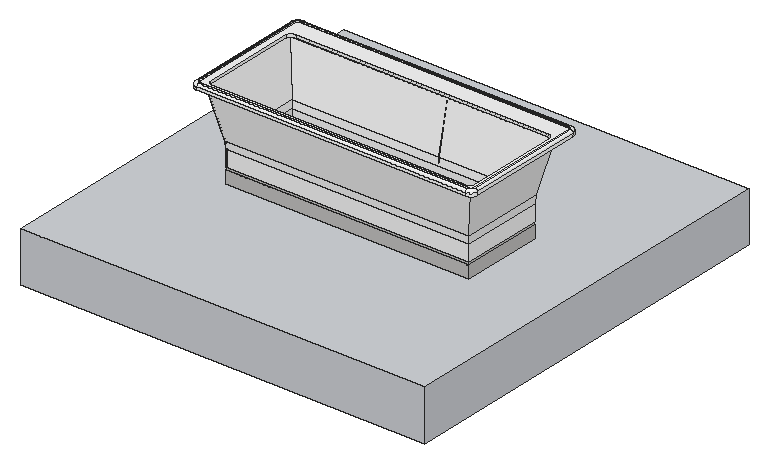
Revit family
Parameters (values of type "Cast_Iron-0-White")
  Width = 5' - 6 15/16"
  Waste Connection = yes
  WFU = 0
  URL = "http://www.us.kohler.com"
  Sanitary Radius = 1"
  Sanitary Diameter = Sanitary Radius * 2  # 2"
  Sanitary Connector = "Sanitary Connection"  # constant formula
  Product Page URL = "http://www.us.kohler.com/onlinecatalog/detail.jsp?prod_num=819-F62"
  Product Documentation Link = "http://www.us.kohler.com/onlinecatalog/pdf/1143195_4.pdf"
  Model = "K-819-F62"  # constant formula
  Manufacturer = "Kohler"  # constant formula
  Length = 2' - 7 1/2"
  Height = 1' - 10 1/16"
  Finish = Cast Iron-Kohler-0-White
  Description = "Reve™ 5.5' freestanding bath with Brilliant Blanc base\r\n"  # constant formula
  Default Elevation = 0' - 0"
  Created By = "http://www.medialab3dstudio.com/"
  Cost = 0
  Brilliant Blanc = Wood-Kohler-Brilliant Blanc
  Assembly Code = "D2010510"
  Actual Valve Water Flow = 0 GPM
Reference planes (in)
  plane 1 "Center (Front/Back)": y = 0
  plane 2: z = 0
  plane 3 "Center (Left/Right)": x = 0
  plane 4 "Left": x = -33.46875
  plane 5 "Right": x = 33.46875
  plane 6 "Front": y = -15.75
  plane 7 "Back": y = 15.75
  plane 8 "Top": z = 22.0625
  plane 9: y = -1.25
  plane 10: y = 2
  plane 11: y = -2
  plane 12: z = 3
  plane 13: z = 3.55744
  plane 14: z = 3.68244
  plane 15: y = 14.5256
  plane 16: x = 6
  plane 17: x = -4.5
  plane 18: x = 4.5
  plane 19: x = -6
Forms (in)
  Extrusion 1, solid
    sketch origin (0, 0, 0) x (1, 0, 0) y (0, 1, 0)
      loop
        line (-48, 48) -> (-48, -48) -> (48, -48) -> (48, 48) -> (-48, 48)
    from 0 to -12
  Sweep 2, solid, material "Cast Iron-Kohler-0-White" <- "Finish"
    path origin (0, 0, 0) x (1, 0, 0) y (0, 1, 0)
      loop
        line (-33.46875, 14.17346) -> (-33.46875, -14.17461)
        arc (-33.46875, -14.17461) -> (-33.00733, -15.28858) -> (-31.89336, -15.75) r 1.57539
        line (-31.89336, -15.75) -> (31.89154, -15.75)
        arc (31.89154, -15.75) -> (33.00679, -15.28804) -> (33.46875, -14.17279) r 1.57721
        line (33.46875, -14.17279) -> (33.46875, 14.17312)
        arc (33.46875, 14.17312) -> (33.00689, 15.28814) -> (31.89187, 15.75) r 1.57688
        line (31.89187, 15.75) -> (-31.89221, 15.75)
        arc (-31.89221, 15.75) -> (-33.00699, 15.28824) -> (-33.46875, 14.17346) r 1.57654
    profile origin (-33.46875, -0.00058, 0) x (1, 0, 0) y (0, 0, 1)
      loop
        arc (0.6497, 22.0625) -> (0.25971, 21.89581) -> (0.05594, 21.52385) r 0.64902
        line (0.05594, 21.52385) -> (0, 20.88169) -> (0.12547, 20.88169) -> (0.18, 21.50766)
        arc (0.18, 21.50766) -> (0.34393, 21.80343) -> (0.65438, 21.9375) r 0.52402
        line (0.65438, 21.9375) -> (0.8997, 21.9375) -> (0.8997, 22.0625) -> (0.6497, 22.0625)
  Extrusion 3, solid, material "Cast Iron-Kohler-0-White" <- "Finish"
    sketch origin (0, 0, 0) x (1, 0, 0) y (0, 1, 0)
      loop
        line (-33.34328, 14.17346) -> (-33.34328, -14.17461)
        arc (-33.34328, -14.17461) -> (-32.91861, -15.19986) -> (-31.89336, -15.62453) r 1.44991
        line (-31.89336, -15.62453) -> (31.89154, -15.62453)
        arc (31.89154, -15.62453) -> (32.91807, -15.19932) -> (33.34328, -14.17279) r 1.45174
        line (33.34328, -14.17279) -> (33.34328, 14.17312)
        arc (33.34328, 14.17312) -> (32.91817, 15.19942) -> (31.89187, 15.62453) r 1.4514
        line (31.89187, 15.62453) -> (-31.89221, 15.62453)
        arc (-31.89221, 15.62453) -> (-32.91827, 15.19952) -> (-33.34328, 14.17346) r 1.45107
    from 20.88169 to 21.50766
  Extrusion 4, void
    sketch origin (0, 0, 0) x (1, 0, 0) y (0, 1, 0)
      loop
        line (-31.37382, 10.02167) -> (-31.37382, -12.47833)
        arc (-31.37382, -12.47833) -> (-30.85853, -13.26226) -> (-29.97096, -13.56604) r 1.44851
        line (-29.97096, -13.56604) -> (29.97096, -13.56604)
        arc (29.97096, -13.56604) -> (30.85853, -13.26226) -> (31.37382, -12.47833) r 1.44851
        line (31.37382, -12.47833) -> (31.37382, 10.02167)
        arc (31.37382, 10.02167) -> (30.87865, 10.83909) -> (29.97831, 11.15965) r 1.42465
        line (29.97831, 11.15965) -> (-29.97831, 11.15965)
        arc (-29.97831, 11.15965) -> (-30.87865, 10.83909) -> (-31.37382, 10.02167) r 1.42465
    from 20.88169 to 21.50766
  Sweep 5, solid, material "Cast Iron-Kohler-0-White" <- "Finish"
    path origin (0, 0, 0) x (1, 0, 0) y (0, 1, 0)
      loop
        line (-31.37382, -13.56604) -> (31.37382, -13.56604) -> (31.37382, 11.15965) -> (-31.37382, 11.15965) -> (-31.37382, -13.56604)
    profile origin (-31.37382, -1.2032, 0) x (-1, 0, 0) y (0, 0, 1)
      loop
        line (-0.04761, 20.88169) -> (-2.52604, 9.22159)
        arc (-2.52604, 9.22159) -> (-2.65528, 8.31322) -> (-2.69848, 7.39672) r 9.74204
        line (-2.69848, 7.39672) -> (-2.69848, 3.55744) -> (-2.57348, 3.55744) -> (-2.57348, 7.39672)
        arc (-2.57348, 7.39672) -> (-2.53089, 8.30081) -> (-2.4035, 9.19689) r 9.61704
        line (-2.4035, 9.19689) -> (0.08018, 20.88169) -> (-0.04761, 20.88169)
  Extrusion 6, solid, material "Cast Iron-Kohler-0-White" <- "Finish"
    sketch origin (0, 0, 0) x (1, 0, 0) y (0, 1, 0)
      loop
        line (-28.67533, 8.46117) -> (-28.67533, -10.86756) -> (28.67533, -10.86756) -> (28.67533, 8.46117) -> (-28.67533, 8.46117)
    from 3.55744 to 3.68244
  Extrusion 7, void
    sketch origin (0, 0, 0) x (1, 0, 0) y (0, 1, 0)
      loop
        arc (-1, -1.25) -> (-0.70711, -1.95711) -> (0, -2.25) r 1
        arc (0, -2.25) -> (0.70711, -1.95711) -> (1, -1.25) r 1
        arc (1, -1.25) -> (0.70711, -0.54289) -> (0, -0.25) r 1
        arc (0, -0.25) -> (-0.70711, -0.54289) -> (-1, -1.25) r 1
    from 0 to 3.68244
  Extrusion 8, solid, material "Wood-Kohler-Brilliant Blanc" <- "Brilliant Blanc"
    sketch origin (0, 0, 0) x (1, 0, 0) y (0, 0, 1)
      loop
        line (-28.67533, 3.55744) -> (-28.67533, 3) -> (28.67533, 3) -> (28.67533, 3.55744) -> (-28.67533, 3.55744)
    from -8.46117 to 10.86756
  Extrusion 9, solid, material "Wood-Kohler-Brilliant Blanc" <- "Brilliant Blanc"
    sketch origin (0, 0, 0) x (1, 0, 0) y (0, 0, 1)
      loop
        line (-28.80033, 0) -> (28.80033, 0) -> (28.80033, 3) -> (-28.80033, 3) -> (-28.80033, 0)
    from -8.58617 to 10.99256
  Extrusion 10, solid, material "Wood-Kohler-Brilliant Blanc" <- "Brilliant Blanc"
    sketch origin (0, 0, 0) x (0, 1, 0) y (0, 0, 1)
      loop
        line (8.58617, 0) -> (14.5256, 0) -> (14.5256, 20.88169) -> (11.23983, 20.88169) -> (8.75615, 9.19689)
        arc (8.75615, 9.19689) -> (8.62876, 8.30081) -> (8.58617, 7.39672) r 9.61704
        line (8.58617, 7.39672) -> (8.58617, 3.55744) -> (8.46117, 3.55744) -> (8.46117, 3) -> (8.58617, 3) -> (8.58617, 0)
    from -6 to 6
Cuts and joins
  Extrusion 4 cuts Extrusion 3
  Extrusion 7 cuts Sweep 5
  Extrusion 7 cuts Extrusion 6
  joined: Sweep 2, Extrusion 3, Sweep 5, Extrusion 6
  Extrusion 7 cuts Extrusion 8
  Extrusion 7 cuts Extrusion 9
  joined: Extrusion 8, Extrusion 9, Extrusion 10
Lines and regions (in)
  Masking region 1, detail levels coarse
    outline origin (0, 0, 0) x (1, 0, 0) y (0, 1, 0)
      loop
        line (-33.46875, 15.75) -> (-33.46875, -15.75) -> (33.46875, -15.75) -> (33.46875, 15.75) -> (-33.46875, 15.75)
  Masking region 2, detail levels medium+fine
    outline origin (0, 0, 0) x (1, 0, 0) y (0, 1, 0)
      loop
        line (-33.28577, 14.17346) -> (-33.28577, -14.17461)
        arc (-33.28577, -14.17461) -> (-32.87795, -15.1592) -> (-31.89336, -15.56702) r 1.39241
        line (-31.89336, -15.56702) -> (31.89154, -15.56702)
        arc (31.89154, -15.56702) -> (32.87741, -15.15866) -> (33.28577, -14.17279) r 1.39424
        line (33.28577, -14.17279) -> (33.28577, 14.17312)
        arc (33.28577, 14.17312) -> (32.87751, 15.15876) -> (31.89187, 15.56702) r 1.3939
        line (31.89187, 15.56702) -> (-31.89221, 15.56702)
        arc (-31.89221, 15.56702) -> (-32.87761, 15.15886) -> (-33.28577, 14.17346) r 1.39357
  Masking region 3, detail levels fine
    outline origin (0, 0, 0) x (1, 0, 0) y (0, 1, 0)
      loop
        line (-31.37382, 10.02167) -> (-31.37382, -12.47833)
        arc (-31.37382, -12.47833) -> (-30.85853, -13.26226) -> (-29.97096, -13.56604) r 1.44851
        line (-29.97096, -13.56604) -> (29.97096, -13.56604)
        arc (29.97096, -13.56604) -> (30.85853, -13.26226) -> (31.37382, -12.47833) r 1.44851
        line (31.37382, -12.47833) -> (31.37382, 10.02167)
        arc (31.37382, 10.02167) -> (30.87865, 10.83909) -> (29.97831, 11.15965) r 1.42465
        line (29.97831, 11.15965) -> (-29.97831, 11.15965)
        arc (-29.97831, 11.15965) -> (-30.87865, 10.83909) -> (-31.37382, 10.02167) r 1.42465
  Masking region 4, detail levels fine
    outline origin (0, 0, 0) x (1, 0, 0) y (0, 1, 0)
      loop
        line (-28.84778, 8.58617) -> (-28.84778, -10.99256) -> (28.84778, -10.99256) -> (28.84778, 8.58617) -> (-28.84778, 8.58617)
  Masking region 5, detail levels fine
    outline origin (0, 0, 0) x (1, 0, 0) y (0, 1, 0)
      loop
        arc (0, -2.25) -> (0.70711, -1.95711) -> (1, -1.25) r 1
        arc (1, -1.25) -> (0.70711, -0.54289) -> (0, -0.25) r 1
        arc (0, -0.25) -> (-0.70711, -0.54289) -> (-1, -1.25) r 1
        arc (-1, -1.25) -> (-0.70711, -1.95711) -> (0, -2.25) r 1
  Masking region 6, detail levels coarse
    outline origin (0, 0, 0) x (1, 0, 0) y (0, 0, 1)
      loop
        line (-33.46875, 22.0625) -> (-33.46875, 0) -> (33.46875, 0) -> (33.46875, 22.0625) -> (-33.46875, 22.0625)
  Masking region 7, detail levels medium+fine
    outline origin (0, 0, 0) x (0, 1, 0) y (0, 0, 1)
      loop
        arc (15.69291, 21.53042) -> (15.48781, 21.89804) -> (15.1003, 22.0625) r 0.64902
        line (15.1003, 22.0625) -> (-15.15504, 22.0625)
        arc (-15.15504, 22.0625) -> (-15.57574, 21.88824) -> (-15.75, 21.46754) r 0.59496
        line (-15.75, 21.46754) -> (-15.75, 20.88169) -> (-14.94888, 20.88169)
        arc (-14.94888, 20.88169) -> (-14.49557, 20.54737) -> (-14.11676, 20.13052) r 2.85353
        arc (-14.11676, 20.13052) -> (-13.90508, 19.92392) -> (-13.63952, 19.79363) r 0.93657
        arc (-13.63952, 19.79363) -> (-13.43305, 19.70811) -> (-13.34752, 19.50163) r 0.292
        line (-13.34752, 19.50163) -> (-11.16261, 9.19688)
        arc (-11.16261, 9.19688) -> (-11.03521, 8.3008) -> (-10.99262, 7.39671) r 9.61701
        line (-10.99262, 7.39671) -> (-10.99262, 3.55744) -> (-10.86756, 3.55744) -> (-10.86756, 3) -> (-10.99256, 3) -> (-10.99256, 0) -> (8.58617, 0) -> (14.5256, 0) -> (14.5256, 20.88169) -> (15.74982, 20.88169) -> (15.69291, 21.53042)
  Masking region 8, detail levels coarse
    outline origin (0, 0, 0) x (0, 1, 0) y (0, 0, 1)
      loop
        line (-15.75, 22.0625) -> (-15.75, 0) -> (15.75, 0) -> (15.75, 22.0625) -> (-15.75, 22.0625)
  Masking region 9, detail levels medium+fine
    outline origin (0, 0, 0) x (1, 0, 0) y (0, 0, 1)
      loop
        line (-31.454, 20.88169) -> (-28.97032, 9.19689)
        arc (-28.97032, 9.19689) -> (-28.84292, 8.30081) -> (-28.80033, 7.39672) r 9.61704
        line (-28.80033, 7.39672) -> (-28.80033, 3.55744) -> (-28.67533, 3.55744) -> (-28.67533, 3) -> (-28.80033, 3) -> (-28.80033, 0) -> (28.80033, 0) -> (28.80033, 3) -> (28.67533, 3) -> (28.67533, 3.55744) -> (28.80033, 3.55744) -> (28.80033, 7.39672)
        arc (28.80033, 7.39672) -> (28.84292, 8.30081) -> (28.97032, 9.19689) r 9.61704
        line (28.97032, 9.19689) -> (31.454, 20.88169) -> (33.46875, 20.88169) -> (33.41281, 21.52385)
        arc (33.41281, 21.52385) -> (33.20904, 21.89581) -> (32.81905, 22.0625) r 0.64902
        line (32.81905, 22.0625) -> (-32.81905, 22.0625)
        arc (-32.81905, 22.0625) -> (-33.20904, 21.89581) -> (-33.41281, 21.52385) r 0.64902
        line (-33.41281, 21.52385) -> (-33.46875, 20.88169) -> (-31.454, 20.88169)
  symbolic lines, style "Masking Lines", detail levels fine
    curve 1: line (-31.32621, 0, 20.88169) -> (31.454, 0, 20.88169)
    curve 2: line (-6, 0, 3.55744) -> (-28.67533, 0, 3.55744)
    curve 3: line (-28.67533, 0, 3) -> (-6, 0, 3)
    curve 4: line (28.67533, 0, 3.55744) -> (6, 0, 3.55744)
    curve 5: line (6, 0, 3) -> (28.67533, 0, 3)
    curve 6: line (-6, 15.75, 20.88169) -> (-6, 15.75, 0)
    curve 7: line (6, 15.75, 20.88169) -> (6, 15.75, 0)
    curve 8: line (-6, -15.75, 3.55744) -> (6, -15.75, 3.55744)
    curve 9: line (-6, -15.75, 3) -> (6, -15.75, 3)
    curve 10: line (0, 12.95475, 20.88169) -> (0, -14.94887, 20.88169)
    curve 11: line (0, 8.46117, 3.55744) -> (0, -10.86756, 3.55744)
    curve 12: line (0, -10.86756, 3) -> (0, 8.46117, 3)
    curve 13: arc (0, 12.95475, 20.88169) -> (0, 12.51695, 20.55573) -> (0, 12.14648, 20.1549) r 2.95889
    curve 14: arc (0, 12.14648, 20.1549) -> (0, 11.89937, 19.8742) -> (0, 11.53876, 19.77515) r 0.65292
    curve 15: arc (0, 11.53876, 19.77515) -> (0, 11.10276, 19.62861) -> (0, 10.86105, 19.23726) r 0.67696
    curve 16: line (0, 10.86105, 19.23726) -> (0, 8.75615, 9.19689)
    curve 17: arc (0, 8.75615, 9.19689) -> (0, 8.62876, 8.30081) -> (0, 8.58617, 7.39672) r 9.61704
    curve 18: line (0, 8.58617, 7.39672) -> (0, 8.58617, 3.55744)
    curve 19: line (0, 8.58617, 3.55744) -> (0, 8.46117, 3.55744)
    curve 20: line (0, 8.46117, 3.55744) -> (0, 8.46117, 3)
    curve 21: line (0, 8.46117, 3) -> (0, 8.58617, 3)
    curve 22: line (0, 8.58617, 3) -> (0, 8.58617, 0)
    curve 23: line (0, 14.5256, 20.88169) -> (0, 12.95475, 20.88169)
Dimensions and locks (in)
  equal spacing: plane 4 "Left", plane 3 "Center (Left/Right)", plane 5 "Right"
  equal spacing: plane 6 "Front", plane 1 "Center (Front/Back)", plane 7 "Back"
  "Width": plane 4 "Left" to plane 5 "Right"
  "Length": plane 6 "Front" to plane 7 "Back"
  plane 1 "Center (Front/Back)" to plane 6 "Front" = 1' - 3 3/4"
  plane 9 to plane 7 "Back" = 1' - 5"
  plane 10 to plane 1 "Center (Front/Back)" to plane 11 to plane 6 "Front" = 0' - 2", 0' - 2", 1' - 1 3/4"
  "Height": plane 8 "Top" to plane 2
  aligned and locked: plane 2 to Extrusion 1
  aligned and locked: level to Extrusion 1
  aligned and locked: Extrusion 3 sketch curve to Sweep 2  (x2)
  aligned and locked: Sweep 5 sketch curve to cut or joined group of Sweep 2, Extrusion 3, Extrusion 4, Sweep 5, Extrusion 6, Extrusion 7  (x2)
  aligned and locked: Extrusion 6 sketch curve to Sweep 5  (x4)
  aligned and locked: plane 3 "Center (Left/Right)" to Extrusion 7 sketch curve  (x2)
  aligned and locked: plane 9 to Extrusion 7 sketch curve  (x2)
  aligned and locked: plane 7 "Back" to Masking region 1 sketch curve
  aligned and locked: plane 4 "Left" to Masking region 1 sketch curve
  aligned and locked: Masking region 1 sketch curve to plane 5 "Right"
  aligned and locked: Masking region 1 sketch curve to plane 6 "Front"
  aligned and locked: Masking region 3 sketch curve to cut or joined group of Sweep 2, Extrusion 3, Extrusion 4, Sweep 5, Extrusion 6, Extrusion 7  (x6)
  aligned and locked: Masking region 5 sketch curve to cut or joined group of Sweep 2, Extrusion 3, Extrusion 4, Sweep 5, Extrusion 6, Extrusion 7  (x4)
  aligned and locked: plane 8 "Top" to Masking region 6 sketch curve
  aligned and locked: plane 4 "Left" to Masking region 6 sketch curve
  aligned and locked: plane 2 to Masking region 6 sketch curve
  aligned and locked: Masking region 6 sketch curve to plane 5 "Right"
  aligned and locked: Masking region 8 sketch curve to plane 6 "Front"
  aligned and locked: plane 8 "Top" to Masking region 8 sketch curve
  aligned and locked: plane 7 "Back" to Masking region 8 sketch curve
  aligned and locked: plane 2 to Masking region 8 sketch curve
  aligned and locked: plane 16 to Extrusion 10
  aligned and locked: plane 19 to Extrusion 10
Automatic sketch dimensions
  Extrusion 1 sketch curve to Extrusion 1 sketch curve = 8' - 0"  (x2)
  Sweep 2 sketch curve to plane 4 "Left" = 0' - 0"
  plane 6 "Front" to Sweep 2 sketch curve = 0' - 0"
  plane 7 "Back" to Sweep 2 sketch curve = 0' - 0"
  Sweep 2 sketch curve to plane 5 "Right" = 0' - 0"
  plane 4 "Left" to Sweep 2 sketch curve = 0' - 1.57539"
  plane 4 "Left" to Sweep 2 sketch curve = 0' - 1.57654"
  Sweep 2 sketch curve to plane 5 "Right" = 0' - 1.57721"
  Sweep 2 sketch curve to Sweep 2 sketch curve = 0' - 1.57688"
  Sweep 2 sketch curve to Sweep 2 sketch curve = 0' - 0"  (x2)
  profile plane to Sweep 2 sketch curve = 0' - 0"
  Sweep 2 sketch curve to profile plane = 0' - 0.05594"
  Sweep 2 sketch curve to Sweep 2 sketch curve = 0' - 0.12547"
  Sweep 2 sketch curve to Sweep 2 sketch curve = 0' - 0.12406"
  Sweep 2 sketch curve to profile plane = 0' - 0.6497"
  Sweep 2 sketch curve to Sweep 2 sketch curve = 0' - 0.00468"
  Sweep 2 sketch curve to Sweep 2 sketch curve = 0' - 0.04141"
  Sweep 2 sketch curve to Sweep 2 sketch curve = 0' - 0 1/4"
  level to Sweep 2 sketch curve = 1' - 8.88169"
  Sweep 2 sketch curve to Sweep 2 sketch curve = 0' - 0.53343"
  Sweep 2 sketch curve to Sweep 2 sketch curve = 0' - 0.09254"
  Sweep 2 sketch curve to Sweep 2 sketch curve = 0' - 0.01619"
  Extrusion 3 sketch curve to plane 6 "Front" = 0' - 0.12547"
  plane 4 "Left" to Extrusion 3 sketch curve = 0' - 1.57539"
  Extrusion 3 sketch curve to plane 5 "Right" = 0' - 1.57721"
  Extrusion 3 sketch curve to plane 5 "Right" = 0' - 1.57688"
  Extrusion 3 sketch curve to plane 5 "Right" = 0' - 0.12547"
  plane 4 "Left" to Extrusion 4 sketch curve = 0' - 2.09493"
  Extrusion 4 sketch curve to Extrusion 4 sketch curve = 0' - 1.39551"
  Extrusion 4 sketch curve to Extrusion 4 sketch curve = 0' - 1.40286"  (x2)
  Extrusion 4 sketch curve to plane 6 "Front" = 0' - 2.18396"
  Extrusion 4 sketch curve to plane 5 "Right" = 0' - 3.49779"
  Extrusion 4 sketch curve to plane 5 "Right" = 0' - 3.49044"
  Extrusion 4 sketch curve to Extrusion 4 sketch curve = 0' - 1.08771"  (x2)
  Extrusion 4 sketch curve to plane 1 "Center (Front/Back)" = 0' - 9.735"
  Extrusion 4 sketch curve to Extrusion 4 sketch curve = 0' - 0.28666"
  Extrusion 4 sketch curve to Extrusion 4 sketch curve = 0' - 1.42465"
  Sweep 5 sketch curve to plane 6 "Front" = 0' - 2.18396"
  plane 7 "Back" to Sweep 5 sketch curve = 0' - 4.59035"
  Extrusion 7 sketch curve to plane 3 "Center (Left/Right)" = 0' - 1"
  Masking region 2 sketch curve to plane 5 "Right" = 0' - 1.57721"
  Masking region 2 sketch curve to plane 5 "Right" = 0' - 1.57688"
  Masking region 2 sketch curve to plane 5 "Right" = 0' - 0.18298"
  plane 7 "Back" to Masking region 2 sketch curve = 0' - 1.57688"
  Masking region 4 sketch curve to plane 6 "Front" = 0' - 4.75744"
  Masking region 4 sketch curve to plane 5 "Right" = 0' - 4.62097"
  Masking region 4 sketch curve to plane 10 = 0' - 6.58617"
  Masking region 2 sketch curve to Masking region 2 sketch curve = 0' - 1.39357"
  plane 4 "Left" to Masking region 4 sketch curve = 0' - 4.62097"
  plane 4 "Left" to Masking region 2 sketch curve = 0' - 1.57654"
  Masking region 2 sketch curve to plane 6 "Front" = 0' - 0.18298"
  plane 4 "Left" to Masking region 2 sketch curve = 0' - 1.57539"
  Extrusion 8 sketch curve to plane 12 = 0' - 0"
  Extrusion 8 sketch curve to plane 13 = 0' - 0"
  plane 4 "Left" to Extrusion 8 sketch curve = 0' - 4.79342"
  Extrusion 8 sketch curve to plane 5 "Right" = 0' - 4.79342"
  Extrusion 9 sketch curve to plane 12 = 0' - 0"
  Extrusion 9 sketch curve to level = 0' - 0"
  plane 4 "Left" to Extrusion 9 sketch curve = 0' - 4.66842"
  Extrusion 9 sketch curve to plane 5 "Right" = 0' - 4.66842"
  Sweep 5 sketch curve to Sweep 5 sketch curve = 0' - 0"  (x2)
  profile plane to Sweep 5 sketch curve = 0' - 2.69848"
  Sweep 5 sketch curve to Sweep 5 sketch curve = 0' - 0 1/8"
  Sweep 5 sketch curve to Sweep 5 sketch curve = 0' - 0.04744"
  Sweep 5 sketch curve to Sweep 5 sketch curve = 0' - 0.12254"
  profile plane to Sweep 5 sketch curve = 0' - 0.04761"
  Sweep 5 sketch curve to profile plane = 0' - 0.08018"
  level to Sweep 5 sketch curve = 0' - 3.55744"
  level to Sweep 5 sketch curve = 0' - 7.39672"
  Sweep 5 sketch curve to Sweep 5 sketch curve = 0' - 0.0247"
  Sweep 5 sketch curve to Sweep 5 sketch curve = 0' - 11.6848"
  plane 13 to Extrusion 10 sketch curve = 0' - 0"
  plane 12 to Extrusion 10 sketch curve = 0' - 0"
  Extrusion 10 sketch curve to level = 0' - 0"
  Extrusion 10 sketch curve to plane 15 = 0' - 0"
  plane 8 "Top" to Extrusion 10 sketch curve = 0' - 1.18081"
  Extrusion 10 sketch curve to Extrusion 10 sketch curve = 0' - 3.28576"
  plane 15 to Extrusion 10 sketch curve = 0' - 5.76944"
  Extrusion 10 sketch curve to Extrusion 10 sketch curve = 0' - 5.93943"
  Extrusion 10 sketch curve to Extrusion 10 sketch curve = 0' - 0.16999"
  Extrusion 10 sketch curve to Extrusion 10 sketch curve = 0' - 0 1/8"
  Extrusion 10 sketch curve to plane 7 "Back" = 0' - 2.45321"
  Extrusion 10 sketch curve to plane 14 = 0' - 3.71428"
  Masking region 9 sketch curve to plane 4 "Left" = 0' - 0"
  Masking region 9 sketch curve to plane 8 "Top" = 0' - 0"
  Masking region 9 sketch curve to plane 13 = 0' - 0"  (x2)
  Masking region 9 sketch curve to level = 0' - 0"
  Masking region 9 sketch curve to plane 12 = 0' - 0"  (x2)
  Masking region 9 sketch curve to plane 5 "Right" = 0' - 0"
  Masking region 9 sketch curve to plane 4 "Left" = 0' - 4.94863"
  plane 4 "Left" to Masking region 9 sketch curve = 0' - 0.05594"
  plane 4 "Left" to Masking region 9 sketch curve = 0' - 0.6497"
  Masking region 9 sketch curve to Masking region 9 sketch curve = 0' - 0.63985"
  Masking region 9 sketch curve to Masking region 9 sketch curve = 0' - 1.31896"
  plane 4 "Left" to Masking region 9 sketch curve = 0' - 4.49843"
  Masking region 9 sketch curve to Masking region 9 sketch curve = 0' - 0.16999"  (x2)
  Masking region 9 sketch curve to Masking region 9 sketch curve = 0' - 0"
  Masking region 9 sketch curve to Masking region 9 sketch curve = 0' - 0 1/8"  (x3)
  Masking region 9 sketch curve to plane 5 "Right" = 0' - 4.79342"
  Masking region 9 sketch curve to Masking region 9 sketch curve = 0' - 2.01475"
  Masking region 9 sketch curve to plane 5 "Right" = 0' - 0.69579"
  Masking region 9 sketch curve to Masking region 9 sketch curve = 0' - 0.04609"
  Masking region 9 sketch curve to plane 5 "Right" = 0' - 0.05594"
  plane 5 "Right" to Masking region 9 sketch curve = 0' - 4.94863"
  Masking region 9 sketch curve to plane 14 = 0' - 3.71428"  (x2)
  plane 8 "Top" to Masking region 9 sketch curve = 0' - 1.18081"  (x2)
  Masking region 9 sketch curve to Masking region 9 sketch curve = 0' - 0.64738"  (x2)
  curve 6 to level = 0' - 0"
  plane 19 to curve 6 = 0' - 0"
  curve 7 to level = 0' - 0"
  curve 7 to plane 16 = 0' - 0"
  plane 8 "Top" to curve 7 = 0' - 1.18081"
  plane 8 "Top" to curve 6 = 0' - 1.18081"
  curve 2 to plane 13 = 0' - 0"
  plane 19 to curve 2 = 0' - 0"
  curve 4 to plane 16 = 0' - 0"
  plane 4 "Left" to curve 3 = 0' - 4.79342"
  curve 2 to curve 3 = 0' - 0"
  plane 4 "Left" to curve 1 = 0' - 2.14254"
  curve 4 to plane 5 "Right" = 0' - 4.79342"
  curve 4 to curve 5 = 0' - 0"
  curve 1 to plane 5 "Right" = 0' - 2.01475"
  plane 8 "Top" to curve 1 = 0' - 1.18081"
  curve 3 to plane 12 = 0' - 0"
  plane 19 to curve 3 = 0' - 0"
  curve 5 to plane 12 = 0' - 0"
  curve 5 to plane 16 = 0' - 0"
  curve 4 to plane 13 = 0' - 0"
  curve 9 to plane 12 = 0' - 0"
  plane 19 to curve 9 = 0' - 0"
  curve 8 to plane 13 = 0' - 0"
  plane 19 to curve 8 = 0' - 0"
  curve 9 to plane 16 = 0' - 0"
  curve 8 to plane 16 = 0' - 0"
  Masking region 7 sketch curve to plane 6 "Front" = 0' - 0"
  plane 8 "Top" to Masking region 7 sketch curve = 0' - 0"
  plane 13 to Masking region 7 sketch curve = 0' - 0"
  Masking region 7 sketch curve to level = 0' - 0"
  plane 12 to Masking region 7 sketch curve = 0' - 0"
  Masking region 7 sketch curve to plane 15 = 0' - 0"
  plane 6 "Front" to Masking region 7 sketch curve = 0' - 0.65766"
  plane 6 "Front" to Masking region 7 sketch curve = 0' - 4.85963"
  Masking region 7 sketch curve to plane 6 "Front" = 0' - 0.59496"
  Masking region 7 sketch curve to Masking region 7 sketch curve = 0' - 0.20616"
  Masking region 7 sketch curve to Masking region 7 sketch curve = 0' - 0.83212"
  Masking region 7 sketch curve to Masking region 7 sketch curve = 0' - 0.47723"
  Masking region 7 sketch curve to Masking region 7 sketch curve = 0' - 0.27457"
  Masking region 7 sketch curve to Masking region 7 sketch curve = 0' - 0.292"
  Masking region 7 sketch curve to plane 6 "Front" = 0' - 4.58739"
  Masking region 7 sketch curve to Masking region 7 sketch curve = 0' - 0.16999"
  Masking region 7 sketch curve to Masking region 7 sketch curve = 0' - 0.00006"
  Masking region 7 sketch curve to Masking region 7 sketch curve = 0' - 0 1/8"
  plane 15 to Masking region 7 sketch curve = 0' - 5.93943"
  Masking region 7 sketch curve to plane 15 = 0' - 0.52861"
  Masking region 7 sketch curve to plane 15 = 0' - 0.57471"
  plane 7 "Back" to Masking region 7 sketch curve = 0' - 0.05709"
  plane 7 "Back" to Masking region 7 sketch curve = 0' - 0.00018"
  Masking region 7 sketch curve to plane 14 = 0' - 3.71427"
  Masking region 7 sketch curve to Masking region 7 sketch curve = 0' - 3.03832"
  Masking region 7 sketch curve to Masking region 7 sketch curve = 0' - 1.96591"
  Masking region 7 sketch curve to Masking region 7 sketch curve = 0' - 0.33689"
  plane 8 "Top" to Masking region 7 sketch curve = 0' - 1.18081"
  plane 8 "Top" to Masking region 7 sketch curve = 0' - 0.64738"
  plane 13 to curve 11 = 0' - 0"
  plane 12 to curve 12 = 0' - 0"
  curve 22 to level = 0' - 0"
  curve 23 to plane 15 = 0' - 0"
  plane 15 to curve 13 = 0' - 0.03023"
  plane 15 to curve 23 = 0' - 1.57085"
  curve 13 to curve 13 = 0' - 0.80827"
  curve 14 to curve 13 = 0' - 0.5931"
  curve 15 to curve 14 = 0' - 0.01461"
  curve 14 to curve 15 = 0' - 0"
  curve 15 to curve 15 = 0' - 0.01515"
  curve 15 to curve 15 = 0' - 0.66256"
  plane 15 to curve 16 = 0' - 5.76944"
  plane 15 to curve 22 = 0' - 5.93943"
  curve 17 to curve 17 = 0' - 0.16999"
  curve 19 to curve 18 = 0' - 0 1/8"
  curve 12 to plane 6 "Front" = 0' - 4.88244"
  curve 11 to curve 12 = 0' - 0"
  curve 10 to plane 6 "Front" = 0' - 0.80113"
  curve 17 to plane 7 "Back" = 0' - 2.45321"
  curve 17 to plane 14 = 0' - 3.71428"
  plane 8 "Top" to curve 15 = 0' - 2.96414"
  curve 15 to curve 16 = 0' - 0.1389"
  plane 8 "Top" to curve 23 = 0' - 1.18081"
Connectors (in)
  piping at (0, -1.25, 0), driven by "Actual Valve Water Flow", driven by "Sanitary Radius", driven by "Waste Connection", driven by "Sanitary Connector", driven by "WFU"
    settings: on cut or joined group of Extrusion 7, Extrusion 8, Extrusion 9, Extrusion 10, index 1, connector radius 1", flow factor 0, pipe flow 0 GPM, pressure drop 0.00 psi, fitting loss kfactor 0, connector angle 0.00°, fixture units 0, flow configuration 3, flow direction 2, fitting loss method 0, system type 16, connector reference index -1, connector utility 1, adjustable connector yes, is connector primary yes, fitting loss table "", connector description "Sanitary Connection"
